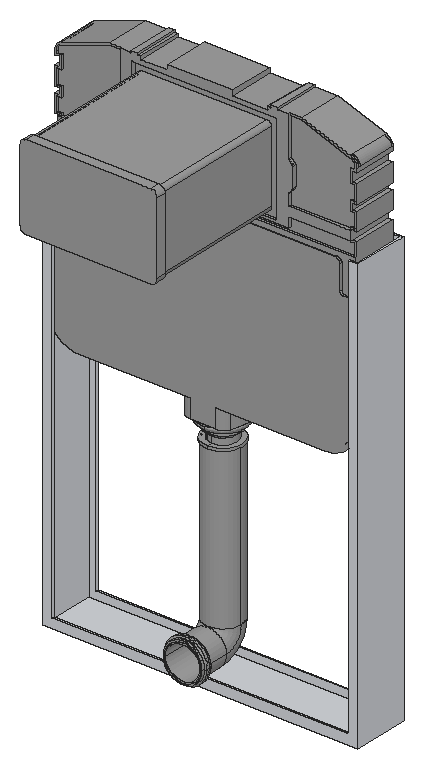
Revit family "LIXIL - CC-CISTERN WH - COBRA CISTERN CONCEALED", category Plumbing Fixtures, Revit 2023
Family settings
  Round Connector Dimension = Use Diameter
  Part Type = Normal
  OmniClass Number = 23.45.00.00
  OmniClass Title = Sanitary, Laundry, and Cleaning Equipment
  Work Plane-Based = No
  Enable Cutting in Views = No
  Always vertical = Yes
  Cut with Voids When Loaded = No
  Maintain Annotation Orientation = No
  Shared = Yes
  Room Calculation Point = No
Parameters (values of type "CC-CISTERN WH")
  Product Specification = "Supplier: Lixil.\r\nProduct description: Thin cistern design((85mm in total)；For front actuation；For solid wall installtion；For wall-hung toilet,fasten distance 180/230mm；Covered by foam,the surface of the concealed cistern is prevented from condensation; Flush volume adjustable: 6/3L,4.5/3L,4/2L. Includes DZR brass angle valve.\r\nProduct Code: 1000600200\r\nSKU Code: CC-CISTERN/WH\r\nBarcode: 6002194062547\r\nBrand: Cobra\r\nRange: Cobra\r\nCategory: Flush Valves\r\nSub-Category: Toilets\r\nPackage Height: 1.095 m\r\nPackage Width: 85 mm\r\nPackage Length: 500 mm\r\nPackage Volume: 46537500 mm³\r\nPackage Weight: 8.3 kg\r\n\r\nNotes:\r\n- Refer to manufacturer's and supplier's installation, maintenance and cleaning manual.\r\n- Refer to manufacturer's and supplier's guarantees and warrantees document."
  M _ RUBBER _ WHITE _ SOFT = M _ LIXIL - RUBBER - WHITE 01
  M _ FLUSH PLATE BACKING = M _ LIXIL - PLASTIC - WHITE 01
  M _ CISTERN _ PIPE 01 = M _ LIXIL - PLASTIC - WHITE 02
  M _ CISTERN _ FIXING 02 = none
  M _ CISTERN _ FIXING 01 = M _ LIXIL - PLASTIC - GREY 01
  M _ CISTERN _ BODY 02 = M _ LIXIL - PLASTIC - WHITE 01
  M _ CISTERN _ BODY = M _ LIXIL - PLASTIC - WHITE 02
  Hosted on lixil.co.za = "https://www.lixil.co.za/item/cobra-concealed-cistern-wall-hung-1"
  HEIGHT = 285 mm
  Description = "Cobra Cistern Concealed to detail and spec. See sanware schedule. Available from Lixil."
  Default Elevation = 0 mm
  DEPTH _ BACKING BOX [instance] = 230 mm
  DEPTH [instance] = DEPTH _ BACKING BOX + 80 mm  # 310 mm
Reference planes
  plane 1 "Center (Front/Back)": y = 0
  plane 2: z = 0
  plane 3 "Center (Left/Right)": x = 0
  plane 4: x = -75
  plane 5: z = 323
  plane 6: z = 285
  plane 7: z = 352.212
  plane 8: z = 813
  plane 9: z = 664.103
  plane 10: x = -240.5
  plane 11: x = 240.5
  plane 12 "Center L/Y": y = -80
  plane 13: y = -40
  plane 14: x = -283.9
  plane 15: x = 283.9
  plane 16: z = -49
Dimensions and locks
  plane 5 to level = 323 mm
  locked: plane 6 to level at 285
  locked: plane 8 to level at 813
  aligned and locked: level to plane 2
  aligned and locked: level to nested 3
  aligned and locked: plane 5 to nested 1
  aligned and locked: nested 1 to plane 1 "Center (Front/Back)"
  aligned and locked: nested 3 to plane 13
  aligned and locked: plane 3 "Center (Left/Right)" to nested 4
  aligned and locked: nested 4 to plane 16
  aligned and locked: nested 4 to plane 13
Nested families
  nested 1: "BODY" at (0, -40, 323), DEPTH _ BACKING BOX <- "DEPTH _ BACKING BOX", type "BODY", detail levels medium+fine
  nested 2: "PLACEHOLDER" at (0, 0, -29), D <- "DEPTH", type "01", detail levels coarse
    with W 567.8 mm, H 842 mm, D 310 mm
  nested 3: "PIPE 01" at (0, -40, 0), type "01", detail levels medium+fine
  nested 4: "Family2" at (0, -40, -49), type "Family2", detail levels medium+fine
Connectors
  piping at (0, 0, 341.656), diameter 15
    settings: index 2, connector inside diameter 609.6 mm, connector length 0 mm, flow factor 0, pipe flow 0.0 L/s, pressure drop 0.0 Pa, fitting loss kfactor 0, connector angle 0.00°, fixture units 0, engagement length 0 mm, angle of deflection 0.00°, flow configuration 0, flow direction 0, fitting loss method 0, system type 20, joint type 0, gender type 0, connector reference index -1, connector utility 0, adjustable connector no, is connector primary yes, connector description ""
Definition of nested family "BODY"
  Parameters (values of type "BODY")
    M _ FLUSH PLATE BACKING = none
    M _ CISTERN _ BODY 02 = none
    M _ CISTERN _ BODY = none
    Default Elevation = 0 mm
    DEPTH _ BACKING BOX [instance] = 230 mm
  Reference planes
    plane 1 "Center (Front/Back)": y = 0
    plane 2: z = 0
    plane 3 "Center (Left/Right)": x = 0
    plane 4 "Center L/U": y = -40
    plane 5 "Center L/V": y = -37
    plane 6 "Center L/W": y = 40
    plane 7 "Center L/X": y = 37
    plane 8: x = -42.328
    plane 9: x = 240.5
    plane 10: x = -240.5
    plane 11: z = 490
    plane 12: z = 30
    plane 13 "Center L/Y": y = -32
  Forms (mm)
    Extrusion 1, solid, material <- "M _ CISTERN _ BODY"
      sketch origin (0, 0, 0) x (1, 0, 0) y (0, 0, 1)
        loop
          line (-247.328, 258.26) -> (-247.328, 82.689)
          arc (-247.328, 82.689) -> (-231.896, 45.432) -> (-194.64, 30) r 52.689
          line (-194.64, 30) -> (194.64, 30)
          arc (194.64, 30) -> (231.896, 45.432) -> (247.328, 82.689) r 52.689
          line (247.328, 82.689) -> (247.328, 258.26)
          arc (247.328, 258.26) -> (246.496, 260.271) -> (244.485, 261.103) r 2.843
          line (244.485, 261.103) -> (223.217, 261.103)
          arc (223.217, 261.103) -> (219.681, 262.568) -> (218.217, 266.103) r 5
          line (218.217, 266.103) -> (218.217, 304.153)
          arc (218.217, 304.153) -> (216.018, 309.462) -> (210.709, 311.661) r 7.508
          line (210.709, 311.661) -> (-210.709, 311.661)
          arc (-210.709, 311.661) -> (-216.018, 309.462) -> (-218.217, 304.153) r 7.508
          line (-218.217, 304.153) -> (-218.217, 266.103)
          arc (-218.217, 266.103) -> (-219.681, 262.568) -> (-223.217, 261.103) r 5
          line (-223.217, 261.103) -> (-244.485, 261.103)
          arc (-244.485, 261.103) -> (-246.496, 260.271) -> (-247.328, 258.26) r 2.843
      from 37 to 40
    Extrusion 2, solid, material <- "M _ CISTERN _ BODY"
      sketch origin (0, 77, 0) x (1, 0, 0) y (0, 0, 1)
        loop
          line (-247.328, 258.26) -> (-247.328, 82.689)
          arc (-247.328, 82.689) -> (-231.896, 45.432) -> (-194.64, 30) r 52.689
          line (-194.64, 30) -> (194.64, 30)
          arc (194.64, 30) -> (231.896, 45.432) -> (247.328, 82.689) r 52.689
          line (247.328, 82.689) -> (247.328, 258.26)
          arc (247.328, 258.26) -> (246.496, 260.271) -> (244.485, 261.103) r 2.843
          line (244.485, 261.103) -> (223.217, 261.103)
          arc (223.217, 261.103) -> (219.681, 262.568) -> (218.217, 266.103) r 5
          line (218.217, 266.103) -> (218.217, 304.153)
          arc (218.217, 304.153) -> (216.018, 309.462) -> (210.709, 311.661) r 7.508
          line (210.709, 311.661) -> (-210.709, 311.661)
          arc (-210.709, 311.661) -> (-216.018, 309.462) -> (-218.217, 304.153) r 7.508
          line (-218.217, 304.153) -> (-218.217, 266.103)
          arc (-218.217, 266.103) -> (-219.681, 262.568) -> (-223.217, 261.103) r 5
          line (-223.217, 261.103) -> (-244.485, 261.103)
          arc (-244.485, 261.103) -> (-246.496, 260.271) -> (-247.328, 258.26) r 2.843
      from 37 to 40
    Extrusion 3, solid, material <- "M _ CISTERN _ BODY"
      sketch origin (0, 74, 0) x (1, 0, 0) y (0, 0, 1)
        loop
          line (-247.328, 258.26) -> (-247.328, 82.689)
          arc (-247.328, 82.689) -> (-231.896, 45.432) -> (-194.64, 30) r 52.689
          line (-194.64, 30) -> (194.64, 30)
          arc (194.64, 30) -> (231.896, 45.432) -> (247.328, 82.689) r 52.689
          line (247.328, 82.689) -> (247.328, 258.26) -> (244.328, 258.26) -> (244.328, 82.689)
          arc (244.328, 82.689) -> (229.775, 47.553) -> (194.64, 33) r 49.689
          line (194.64, 33) -> (-194.64, 33)
          arc (-194.64, 33) -> (-229.775, 47.553) -> (-244.328, 82.689) r 49.689
          line (-244.328, 82.689) -> (-244.328, 258.26) -> (-247.328, 258.26)
      from 34 to 114
    Extrusion 4, solid, material <- "M _ CISTERN _ BODY 02"
      sketch origin (0, -29, 0) x (1, 0, 0) y (0, 0, 1)
        loop
          arc (-240.5, 88) -> (-224.391, 49.109) -> (-185.5, 33) r 55
          line (-185.5, 33) -> (185.5, 33)
          arc (185.5, 33) -> (224.391, 49.109) -> (240.5, 88) r 55
          line (240.5, 88) -> (240.5, 341.103) -> (232.858, 341.103) -> (232.858, 356.103) -> (240.5, 356.103) -> (240.5, 384.391) -> (232.858, 384.391) -> (232.858, 394.391) -> (240.5, 394.391) -> (240.5, 424.391) -> (232.858, 424.391) -> (232.858, 439.391) -> (240.5, 439.391) -> (240.5, 446.128)
          arc (240.5, 446.128) -> (237.712, 454.839) -> (230.384, 460.311) r 15
          line (230.384, 460.311) -> (153.054, 486.938) -> (116.33, 486.938) -> (116.33, 490) -> (106.33, 490) -> (106.33, 486.938) -> (101.33, 486.938) -> (101.33, 482.364) -> (45.28, 482.364) -> (45.28, 490) -> (-58.573, 490) -> (-58.573, 482.364) -> (-101.33, 482.364) -> (-101.33, 486.938) -> (-106.33, 486.938) -> (-106.33, 490) -> (-116.33, 490) -> (-116.33, 486.938) -> (-153.054, 486.938) -> (-230.384, 460.311)
          arc (-230.384, 460.311) -> (-237.712, 454.839) -> (-240.5, 446.128) r 15
          line (-240.5, 446.128) -> (-240.5, 439.391) -> (-232.858, 439.391) -> (-232.858, 424.391) -> (-240.5, 424.391) -> (-240.5, 394.391) -> (-232.858, 394.391) -> (-232.858, 384.391) -> (-240.5, 384.391) -> (-240.5, 356.103) -> (-232.858, 356.103) -> (-232.858, 341.103) -> (-240.5, 341.103) -> (-240.5, 88)
      from 0 to 8
    Extrusion 5, solid, material <- "M _ CISTERN _ BODY 02"
      sketch origin (0, 37, 0) x (1, 0, 0) y (0, 0, 1)
        loop
          arc (-240.5, 88) -> (-224.391, 49.109) -> (-185.5, 33) r 55
          line (-185.5, 33) -> (185.5, 33)
          arc (185.5, 33) -> (224.391, 49.109) -> (240.5, 88) r 55
          line (240.5, 88) -> (240.5, 341.103) -> (232.858, 341.103) -> (232.858, 356.103) -> (240.5, 356.103) -> (240.5, 384.391) -> (232.858, 384.391) -> (232.858, 394.391) -> (240.5, 394.391) -> (240.5, 424.391) -> (232.858, 424.391) -> (232.858, 439.391) -> (240.5, 439.391) -> (240.5, 446.128)
          arc (240.5, 446.128) -> (237.712, 454.839) -> (230.384, 460.311) r 15
          line (230.384, 460.311) -> (153.054, 486.938) -> (116.33, 486.938) -> (116.33, 490) -> (106.33, 490) -> (106.33, 486.938) -> (101.33, 486.938) -> (101.33, 482.364) -> (45.28, 482.364) -> (45.28, 490) -> (-58.573, 490) -> (-58.573, 482.364) -> (-101.33, 482.364) -> (-101.33, 486.938) -> (-106.33, 486.938) -> (-106.33, 490) -> (-116.33, 490) -> (-116.33, 486.938) -> (-153.054, 486.938) -> (-230.384, 460.311)
          arc (-230.384, 460.311) -> (-237.712, 454.839) -> (-240.5, 446.128) r 15
          line (-240.5, 446.128) -> (-240.5, 439.391) -> (-232.858, 439.391) -> (-232.858, 424.391) -> (-240.5, 424.391) -> (-240.5, 394.391) -> (-232.858, 394.391) -> (-232.858, 384.391) -> (-240.5, 384.391) -> (-240.5, 356.103) -> (-232.858, 356.103) -> (-232.858, 341.103) -> (-240.5, 341.103) -> (-240.5, 88)
      from 0 to 3
    Extrusion 6, solid, material <- "M _ CISTERN _ BODY 02"
      sketch origin (0, 34, 0) x (1, 0, 0) y (0, 0, 1)
        loop
          arc (-240.5, 88) -> (-224.391, 49.109) -> (-185.5, 33) r 55
          line (-185.5, 33) -> (185.5, 33)
          arc (185.5, 33) -> (224.391, 49.109) -> (240.5, 88) r 55
          line (240.5, 88) -> (240.5, 341.103) -> (232.858, 341.103) -> (232.858, 356.103) -> (240.5, 356.103) -> (240.5, 384.391) -> (232.858, 384.391) -> (232.858, 394.391) -> (240.5, 394.391) -> (240.5, 424.391) -> (232.858, 424.391) -> (232.858, 439.391) -> (240.5, 439.391) -> (240.5, 446.128)
          arc (240.5, 446.128) -> (237.712, 454.839) -> (230.384, 460.311) r 15
          line (230.384, 460.311) -> (153.054, 486.938) -> (116.33, 486.938) -> (116.33, 490) -> (106.33, 490) -> (106.33, 486.938) -> (101.33, 486.938) -> (101.33, 482.364) -> (45.28, 482.364) -> (45.28, 490) -> (-58.573, 490) -> (-58.573, 482.364) -> (-101.33, 482.364) -> (-101.33, 486.938) -> (-106.33, 486.938) -> (-106.33, 490) -> (-116.33, 490) -> (-116.33, 486.938) -> (-153.054, 486.938) -> (-230.384, 460.311)
          arc (-230.384, 460.311) -> (-237.712, 454.839) -> (-240.5, 446.128) r 15
          line (-240.5, 446.128) -> (-240.5, 439.391) -> (-232.858, 439.391) -> (-232.858, 424.391) -> (-240.5, 424.391) -> (-240.5, 394.391) -> (-232.858, 394.391) -> (-232.858, 384.391) -> (-240.5, 384.391) -> (-240.5, 356.103) -> (-232.858, 356.103) -> (-232.858, 341.103) -> (-240.5, 341.103) -> (-240.5, 88)
        loop
          line (152.552, 483.938) -> (104.33, 483.938) -> (104.33, 479.364) -> (42.28, 479.364) -> (42.28, 487) -> (-55.573, 487) -> (-55.573, 479.364) -> (-104.33, 479.364) -> (-104.33, 483.938) -> (-152.552, 483.938) -> (-229.407, 457.475)
          arc (-229.407, 457.475) -> (-235.269, 453.097) -> (-237.5, 446.128) r 12
          line (-237.5, 446.128) -> (-237.5, 442.391) -> (-229.858, 442.391) -> (-229.858, 421.391) -> (-237.5, 421.391) -> (-237.5, 397.391) -> (-229.858, 397.391) -> (-229.858, 381.391) -> (-237.5, 381.391) -> (-237.5, 359.103) -> (-229.858, 359.103) -> (-229.858, 338.103) -> (-237.5, 338.103) -> (-237.5, 88)
          arc (-237.5, 88) -> (-222.27, 51.23) -> (-185.5, 36) r 52
          line (-185.5, 36) -> (185.5, 36)
          arc (185.5, 36) -> (222.27, 51.23) -> (237.5, 88) r 52
          line (237.5, 88) -> (237.5, 338.103) -> (229.858, 338.103) -> (229.858, 359.103) -> (237.5, 359.103) -> (237.5, 381.391) -> (229.858, 381.391) -> (229.858, 397.391) -> (237.5, 397.391) -> (237.5, 421.391) -> (229.858, 421.391) -> (229.858, 442.391) -> (237.5, 442.391) -> (237.5, 446.128)
          arc (237.5, 446.128) -> (235.269, 453.097) -> (229.407, 457.475) r 12
          line (229.407, 457.475) -> (152.552, 483.938)
      from 0 to 68
    Extrusion 7, void
      sketch origin (0, 5, 0) x (1, 0, 0) y (0, 0, 1)
        loop
          line (-115, 475.508) -> (-115, 328.508) -> (115, 328.508) -> (115, 475.508) -> (-115, 475.508)
        loop
          line (-133.52, 506.856) -> (-133.52, 423.65) -> (-139.127, 418.043)
          arc (-139.127, 418.043) -> (-140.211, 416.421) -> (-140.592, 414.508) r 5
          line (-140.592, 414.508) -> (-140.592, 383.65)
          arc (-140.592, 383.65) -> (-140.211, 381.736) -> (-139.127, 380.114) r 5
          line (-139.127, 380.114) -> (-133.52, 374.508) -> (-133.52, 356.103) -> (-240.859, 356.103) -> (-240.859, 341.103) -> (-133.52, 341.103) -> (-133.52, 324.508) -> (133.52, 324.508) -> (133.52, 341.103) -> (240.859, 341.103) -> (240.859, 356.103) -> (133.52, 356.103) -> (133.52, 374.508) -> (139.127, 380.114)
          arc (139.127, 380.114) -> (140.211, 381.736) -> (140.592, 383.65) r 5
          line (140.592, 383.65) -> (140.592, 414.508)
          arc (140.592, 414.508) -> (140.211, 416.421) -> (139.127, 418.043) r 5
          line (139.127, 418.043) -> (133.52, 423.65) -> (133.52, 506.856) -> (-133.52, 506.856)
        loop
          line (247.328, 319.508) -> (247.328, 526.33) -> (-244.328, 526.33) -> (-244.328, 319.508) -> (247.328, 319.508)
      from 37 to 45
    Extrusion 8, solid, material <- "M _ CISTERN _ BODY"
      sketch origin (0, 0, 0) x (1, 0, 0) y (0, 1, 0)
        loop
          arc (-33.513, 27.977) -> (-39.328, 0) -> (-33.513, -27.977) r 70.21
          arc (-33.513, -27.977) -> (-27.982, -34.543) -> (-19.756, -37) r 15
          line (-19.756, -37) -> (19.794, -37)
          arc (19.794, -37) -> (28.02, -34.543) -> (33.551, -27.977) r 15
          arc (33.551, -27.977) -> (39.366, 0) -> (33.551, 27.977) r 70.21
          arc (33.551, 27.977) -> (28.02, 34.543) -> (19.794, 37) r 15
          line (19.794, 37) -> (-19.756, 37)
          arc (-19.756, 37) -> (-27.982, 34.543) -> (-33.513, 27.977) r 15
        loop
          arc (-36.265, 29.173) -> (-42.328, 0) -> (-36.265, -29.173) r 73.21
          arc (-36.265, -29.173) -> (-29.627, -37.052) -> (-19.756, -40) r 18
          line (-19.756, -40) -> (19.794, -40)
          arc (19.794, -40) -> (29.665, -37.052) -> (36.303, -29.173) r 18
          arc (36.303, -29.173) -> (42.366, 0) -> (36.303, 29.173) r 73.21
          arc (36.303, 29.173) -> (29.665, 37.052) -> (19.794, 40) r 18
          line (19.794, 40) -> (-19.756, 40)
          arc (-19.756, 40) -> (-29.627, 37.052) -> (-36.265, 29.173) r 18
      from 0 to 30
  Cuts and joins
    joined: Extrusion 1, Extrusion 2, Extrusion 3, Extrusion 8
    Extrusion 7 cuts Extrusion 4
    joined: Extrusion 4, Extrusion 5, Extrusion 6
  Dimensions and locks
    plane 11 to plane 12 = 460 mm
    locked: plane 5 "Center L/V" to plane 13 "Center L/Y" at 5
    aligned and locked: level to plane 2
    aligned and locked: plane 4 "Center L/U" to Extrusion 1
    aligned and locked: plane 6 "Center L/W" to Extrusion 2
    aligned and locked: cut or joined group of Extrusion 1, Extrusion 2, Extrusion 3, Extrusion 8 to plane 7 "Center L/X"
    aligned and locked: cut or joined group of Extrusion 1, Extrusion 2, Extrusion 3, Extrusion 8 to plane 5 "Center L/V"
    aligned and locked: plane 4 "Center L/U" to Extrusion 3
    aligned and locked: plane 6 "Center L/W" to Extrusion 3
    aligned and locked: plane 5 "Center L/V" to nested 1
  Nested families
    nested 1: "FLUSH PLATE BACKING" at (0, -37, 334.508), type "01"
  Definition of nested family "FLUSH PLATE BACKING"
    Parameters (values of type "01")
      WIDTH = 218 mm
      RADIUS 03 = RADIUS 02 - 3 mm  # 4 mm
      RADIUS 02 = RADIUS 01 - 3 mm  # 7 mm
      RADIUS 01 = 10 mm
      M _ FLUSH PLATE BACKING = none
      HEIGHT = 135 mm
      Default Elevation = 0 mm
      DEPTH = 230 mm
    Reference planes
      plane 1 "Center (Front/Back)": y = 0
      plane 2: z = 0
      plane 3 "Center (Left/Right)": x = 0
      plane 4: z = 135
      plane 5: x = 109
      plane 6: x = -109
      plane 7: x = -106
      plane 8: z = 3
      plane 9: z = 132
      plane 10: x = 106
      plane 11: y = -230
      plane 12: y = -215
      plane 13: x = -103
      plane 14: x = 103
      plane 15: z = 129
      plane 16: z = 6
    Forms (mm)
      Extrusion 1, solid, material <- "M _ FLUSH PLATE BACKING"
        sketch origin (0, 0, 0) x (1, 0, 0) y (0, 0, 1)
          loop
            arc (-99, 135) -> (-106.071, 132.071) -> (-109, 125) r 10
            line (-109, 125) -> (-109, 10)
            arc (-109, 10) -> (-106.071, 2.929) -> (-99, 0) r 10
            line (-99, 0) -> (99, 0)
            arc (99, 0) -> (106.071, 2.929) -> (109, 10) r 10
            line (109, 10) -> (109, 125)
            arc (109, 125) -> (106.071, 132.071) -> (99, 135) r 10
            line (99, 135) -> (-99, 135)
        from 215 to 230
      Extrusion 2, solid, material <- "M _ FLUSH PLATE BACKING"
        sketch origin (0, 0, 0) x (1, 0, 0) y (0, 0, 1)
          loop
            line (-106, 125) -> (-106, 10)
            arc (-106, 10) -> (-103.95, 5.05) -> (-99, 3) r 7
            line (-99, 3) -> (99, 3)
            arc (99, 3) -> (103.95, 5.05) -> (106, 10) r 7
            line (106, 10) -> (106, 125)
            arc (106, 125) -> (103.95, 129.95) -> (99, 132) r 7
            line (99, 132) -> (-99, 132)
            arc (-99, 132) -> (-103.95, 129.95) -> (-106, 125) r 7
          loop
            line (99, 129) -> (-99, 129)
            arc (-99, 129) -> (-101.828, 127.828) -> (-103, 125) r 4
            line (-103, 125) -> (-103, 10)
            arc (-103, 10) -> (-101.828, 7.172) -> (-99, 6) r 4
            line (-99, 6) -> (99, 6)
            arc (99, 6) -> (101.828, 7.172) -> (103, 10) r 4
            line (103, 10) -> (103, 125)
            arc (103, 125) -> (101.828, 127.828) -> (99, 129) r 4
        from 0 to 215
    Dimensions and locks
      locked: plane 5 to plane 10 at 3
      locked: plane 4 to plane 9 at 3
      locked: plane 7 to plane 6 at 3
      locked: plane 8 to level at 3
      "HEIGHT": plane 4 to level
      equal spacing: plane 5, plane 3 "Center (Left/Right)", plane 6
      "WIDTH": plane 6 to plane 5
      locked: plane 12 to plane 11 at 15
      "DEPTH": plane 11 to plane 1 "Center (Front/Back)"
      locked: plane 16 to plane 8 at 3
      locked: plane 9 to plane 15 at 3
      locked: plane 14 to plane 10 at 3
      locked: plane 13 to plane 7 at 3
      "RADIUS 01": radius of Extrusion 1 sketch curve  (x4)
      "RADIUS 02": radius of Extrusion 2 sketch curve  (x4)
      "RADIUS 03": radius of Extrusion 2 sketch curve  (x4)
      aligned and locked: level to plane 2
      aligned and locked: Extrusion 1 sketch curve to plane 4
      aligned and locked: Extrusion 1 sketch curve to plane 6
      aligned and locked: Extrusion 1 sketch curve to plane 2
      aligned and locked: Extrusion 1 sketch curve to plane 5
      aligned and locked: plane 11 to Extrusion 1
      aligned and locked: plane 12 to Extrusion 1
      aligned and locked: Extrusion 2 sketch curve to plane 7
      aligned and locked: Extrusion 2 sketch curve to plane 9
      aligned and locked: Extrusion 2 sketch curve to plane 10
      aligned and locked: Extrusion 2 sketch curve to plane 8
      aligned and locked: Extrusion 2 to plane 1 "Center (Front/Back)"
      aligned and locked: Extrusion 2 to plane 12
      aligned and locked: Extrusion 2 sketch curve to plane 15
      aligned and locked: plane 14 to Extrusion 2 sketch curve
      aligned and locked: Extrusion 2 sketch curve to plane 13
      aligned and locked: Extrusion 2 sketch curve to plane 16
Definition of nested family "PLACEHOLDER"
  Parameters (values of type "01")
    W [instance] = 260.392 mm
    H [instance] = 470.882 mm
    Default Elevation = 0 mm
    D [instance] = 240.391 mm
  Reference planes
    plane 1 "Center (Front/Back)": y = 0
    plane 2: z = 0
    plane 3 "Center (Left/Right)": x = 0
    plane 4: y = -240.391
    plane 5: x = -130.196
    plane 6: x = 130.196
    plane 7: z = 470.882
  Forms (mm)
    Extrusion 1, solid
      sketch origin (0, 0, 0) x (1, 0, 0) y (0, 1, 0)
        loop
          line (-130.196, 0) -> (-130.196, -240.391) -> (130.196, -240.391) -> (130.196, 0) -> (-130.196, 0)
      from 0 to 470.882
  Dimensions and locks
    "D": plane 4 to plane 1 "Center (Front/Back)"
    equal spacing: plane 5, plane 3 "Center (Left/Right)", plane 6
    "W": plane 5 to plane 6
    "H": plane 7 to level
    aligned and locked: level to plane 2
    aligned and locked: Extrusion 1 sketch curve to plane 5
    aligned and locked: Extrusion 1 sketch curve to plane 1 "Center (Front/Back)"
    aligned and locked: Extrusion 1 sketch curve to plane 6
    aligned and locked: Extrusion 1 to level
    aligned and locked: Extrusion 1 sketch curve to plane 4
    aligned and locked: Extrusion 1 to plane 7
Definition of nested family "PIPE 01"
  Parameters (values of type "01")
    RADIUS 01 = 30 mm
    M _ RUBBER _ WHITE _ SOFT = none
    M _ CISTERN _ PIPE 01 = none
    HEIGHT = 285 mm  # constant formula
    Default Elevation = 0 mm
    DEPTH = 80 mm
  Reference planes
    plane 1 "Center (Front/Back)": y = 0
    plane 2: z = 0
    plane 3 "Center (Left/Right)": x = 0
    plane 4: z = 285
    plane 5: y = -80
    plane 6: z = 323
  Forms (mm)
    Sweep 1, solid, material <- "M _ CISTERN _ PIPE 01"
      path origin (0, 0, 0) x (0, 1, 0) y (0, 0, 1)
        loop
          line (0, 285) -> (0, 30)
          arc (0, 30) -> (-8.787, 8.787) -> (-30, 0) r 30
          line (-30, 0) -> (-80, 0)
      profile origin (0, 0, 157.5) x (1, 0, 0) y (0, 1, 0)
        loop
          circle (0, 0) r 29
        loop
          circle (0, 0) r 27
    Revolve 2, solid, material <- "M _ RUBBER _ WHITE _ SOFT"
      sketch origin (0, 0, 0) x (0, 1, 0) y (0, 0, 1)
        loop
          line (19.775, 323) -> (19.775, 285) -> (29, 285) -> (29, 283.949) -> (30.928, 283.949) -> (30.928, 287.843) -> (21.7, 287.843) -> (21.7, 297.843) -> (28.566, 303.604) -> (28.566, 312.411) -> (34.654, 312.411)
          arc (34.654, 312.411) -> (37.154, 314.911) -> (34.654, 317.411) r 2.5
          line (34.654, 317.411) -> (31.393, 317.411) -> (31.393, 320.781) -> (40, 320.781) -> (40, 323) -> (19.775, 323)
        axis (0, 323) -> (0, 283.949)
      angle from 0 to 360
  Dimensions and locks
    "DEPTH": plane 1 "Center (Front/Back)" to plane 5
    "HEIGHT": plane 4 to level
    "RADIUS 01": radius of Sweep 1 sketch curve
    aligned and locked: level to plane 2
    aligned and locked: plane 1 "Center (Front/Back)" to Sweep 1 sketch curve
    aligned and locked: level to Sweep 1 sketch curve
    aligned and locked: plane 5 to nested 1
    aligned and locked: plane 3 "Center (Left/Right)" to nested 1
  Automatic sketch dimensions
    Sweep 1 sketch curve to plane 3 "Center (Left/Right)" = 0 mm
    profile plane to Sweep 1 sketch curve = 0 mm
    Sweep 1 sketch curve to Sweep 1 sketch curve = 0 mm  (x2)
    Revolve 2 sketch curve to plane 1 "Center (Front/Back)" = 0 mm
    Revolve 2 sketch curve to plane 6 = 0 mm
    Revolve 2 sketch curve to plane 4 = 0 mm
    Revolve 2 sketch curve to plane 1 "Center (Front/Back)" = 19.775 mm
    Revolve 2 sketch curve to Revolve 2 sketch curve = 1.925 mm
    Revolve 2 sketch curve to Revolve 2 sketch curve = 6.867 mm
    Revolve 2 sketch curve to Revolve 2 sketch curve = 7.3 mm
    Revolve 2 sketch curve to Revolve 2 sketch curve = 1.928 mm
    Revolve 2 sketch curve to plane 6 = 2.219 mm
    Revolve 2 sketch curve to Revolve 2 sketch curve = 2.827 mm
    Revolve 2 sketch curve to Revolve 2 sketch curve = 3.261 mm
    Revolve 2 sketch curve to Revolve 2 sketch curve = 5.346 mm
    Revolve 2 sketch curve to plane 4 = 1.051 mm
    plane 4 to Revolve 2 sketch curve = 2.843 mm
    Revolve 2 sketch curve to Revolve 2 sketch curve = 10 mm
    Revolve 2 sketch curve to Revolve 2 sketch curve = 5.762 mm
    Revolve 2 sketch curve to Revolve 2 sketch curve = 8.807 mm
    Revolve 2 sketch curve to Revolve 2 sketch curve = 2.5 mm
    Revolve 2 sketch curve to plane 4 = 137 mm
    plane 6 to Revolve 2 sketch curve = 90 mm
    Sweep 1 sketch curve to plane 5 = 0 mm
    Sweep 1 sketch curve to plane 4 = 0 mm
    radius of Sweep 1 sketch curve = 29 mm
    radius of Sweep 1 sketch curve = 27 mm
  Nested families
    nested 1: "RUBBER 02" at (0, -70.5, 0), type "01"
  Definition of nested family "RUBBER 02"
    Parameters (values of type "01")
      M _ RUBBER _ BLACK _ SOFT = none
      Default Elevation = 0 mm
    Reference planes
      plane 1 "Center (Front/Back)": y = 0
      plane 2: z = 0
      plane 3 "Center (Left/Right)": x = 0
      plane 4: y = 5.5
      plane 5: y = -5.5
      plane 6: z = 17.7
      plane 7: z = -17.7
      plane 8: z = 29
    Forms (mm)
      Revolve 1, solid, material <- "M _ RUBBER _ BLACK _ SOFT"
        sketch origin (0, 5.5, 0) x (0, -1, 0) y (1, 0, 0)
          loop
            line (0, -29) -> (0, -29.804)
            arc (0, -29.804) -> (1.229, -32.771) -> (4.196, -34) r 4.196
            line (4.196, -34) -> (9, -34)
            arc (9, -34) -> (10.414, -33.414) -> (11, -32) r 2
            line (11, -32) -> (11, -31) -> (15, -31) -> (15, -29) -> (11, -29) -> (0, -29)
          axis (0, 0) -> (15, 0)
        angle from 0 to 360
    Dimensions and locks
      aligned and locked: level to plane 2
Definition of nested family "Family2"
  Parameters (values of type "Family2")
    WIDTH = 501.7 mm
    THICKNESS = 3 mm
    M _ CISTERN _ FIXING 02 = none
    HEIGHT = 690 mm
    Default Elevation = 0 mm
    DEPTH _ FRONT LIP = 15 mm
    DEPTH = 90 mm
  Reference planes
    plane 1 "Center (Front/Back)": y = 0
    plane 2: z = 0
    plane 3 "Center (Left/Right)": x = 0
    plane 4: y = 45
    plane 5: y = 42
    plane 6: y = -42
    plane 7: y = -45
    plane 8: x = -250.85
    plane 9: x = -247.85
    plane 10: x = 247.85
    plane 11: x = 250.85
    plane 12: x = -235.85
    plane 13: x = 235.85
    plane 14: z = 690
  Forms (mm)
    Sweep 1, solid, material <- "M _ CISTERN _ FIXING 02"
      path origin (0, 0, 0) x (1, 0, 0) y (0, 0, 1)
        loop
          line (-250.85, 690) -> (-250.85, 0) -> (250.85, 0) -> (250.85, 690)
      profile origin (-250.85, 0, 345) x (0, -1, 0) y (1, 0, 0)
        loop
          line (42, 15) -> (42, 3) -> (-42, 3) -> (-42, 15) -> (-45, 15) -> (-45, 0) -> (45, 0) -> (45, 15) -> (42, 15)
  Dimensions and locks
    "THICKNESS": plane 10 to plane 11
    "THICKNESS": plane 4 to plane 5
    "THICKNESS": plane 7 to plane 6
    equal spacing: plane 4, plane 1 "Center (Front/Back)", plane 7
    "DEPTH": plane 4 to plane 7
    "THICKNESS": plane 8 to plane 9
    equal spacing: plane 8, plane 3 "Center (Left/Right)", plane 11
    "WIDTH": plane 8 to plane 11
    "DEPTH _ FRONT LIP": plane 8 to plane 12
    "DEPTH _ FRONT LIP": plane 13 to plane 11
    "HEIGHT": plane 14 to level
    aligned and locked: level to plane 2
    aligned and locked: Sweep 1 sketch curve to plane 8
    aligned and locked: Sweep 1 sketch curve to plane 11
    aligned and locked: Sweep 1 sketch curve to plane 2
    aligned and locked: plane 12 to Sweep 1 sketch curve  (x2)
    aligned and locked: plane 5 to Sweep 1 sketch curve
    aligned and locked: plane 4 to Sweep 1 sketch curve
    aligned and locked: profile plane to Sweep 1 sketch curve
    aligned and locked: plane 9 to Sweep 1 sketch curve
    aligned and locked: plane 6 to Sweep 1 sketch curve
    aligned and locked: plane 7 to Sweep 1 sketch curve
  Automatic sketch dimensions
    Sweep 1 sketch curve to plane 14 = 0 mm  (x2)
